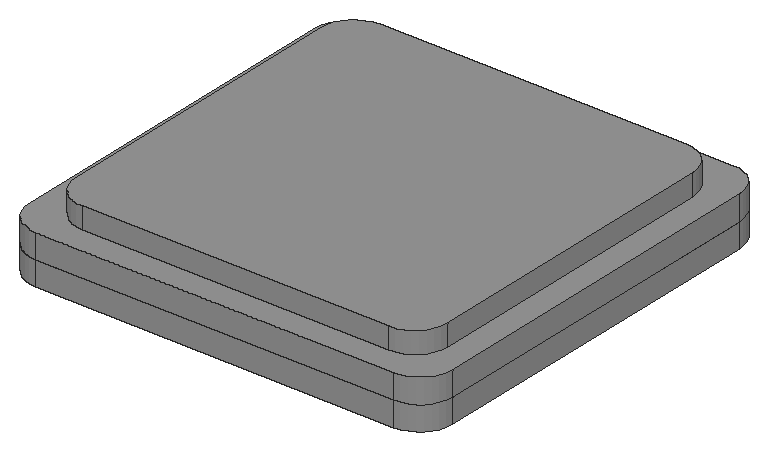
Revit family "FMS2_63_UN_Surface-mounted_ETK", category Lighting Fixtures, Revit 2019 (continued)
Definition of nested family "FMS.2 - Lightsource"
  Types (14, lengths in mm): name | Wattage Comments | Wattage | built-in parameter 1150134 | Photometric Web File | built-in parameter 1150142 | built-in parameter 1150105 | Lumens | built-in parameter 1150107 | built-in parameter 1150106 | Apparent Load
      1.1649\t500.1982\t499.3696\t498.4029\t497.5743\t496.6076\t495.779\t494.9504\r\n493.9837\t493.1551\t492.3265\t491.4979\t490.6693\t489.7026\t488.874\t488.0454\t487.2168\t486.3882\r\n485.5596\t484.731\t483.9024\t483.0738\t482.2452\t481.4166\t480.4499\t479.6213\t478.7927\t477.826\r\n476.9974\t475.3402\t473.1306\t470.7829\t468.5733\t466.3637\t464.016\t461.8064\t459.5968\t457.3872\r\n455.0395\t452.8299\t450.6203\t448.2726\t446.063\t443.8534\t441.6438\t439.2961\t437.0865\t434.7388\r\n432.3911\t430.1815\t427.8338\t425.6242\t423.2765\t421.0669\t418.7192\t416.3715\t414.1619\t411.8142\r\n409.6046\t407.1188\t403.8044\t400.6281\t397.3137\t394.1374\t390.9611\t387.6467\t384.4704\t381.2941\r\n377.9797\t374.8034\t371.489\t368.3127\t365.1364\t361.822\t358.6457\t355.3313\t352.155\t348.8406\r\n345.6643\t342.488\t339.1736\t335.9973\t332.6829\t329.5066\t326.1922\t323.0159\t319.7015\t316.5252\r\n313.3489\t310.0345\t306.3058\t302.439\t298.7103\t294.9816\t291.2529\t287.5242\t283.7955\t280.0668\r\n276.3381\t272.6094\t268.7426\t265.0139\t261.2852\t257.5565\t253.8278\t250.0991\t246.3704\t242.5036\r\n238.7749\t235.0462\t231.3175\t227.5888\t223.722\t219.9933\t216.2646\t212.5359\t208.8072\t205.0785\r\n201.2117\t197.483\t193.7543\t189.8875\t186.1588\t182.4301\t178.5633\t174.8346\t171.1059\t167.2391\r\n163.5104\t159.7817\t155.9149\t152.1862\t148.4575\t144.5907\t140.862\t137.0781\t133.3079\t129.524\r\n125.7539\t121.9699\t118.1998\t114.4158\t110.6457\t106.8618\t103.0917\t99.3077\t95.5376\t91.7675\r\n87.9835\t81.3961\t72.6406\t63.8851\t55.1433\t46.3878\t37.6322\t28.8767\t20.1212\t11.3629\r\n2.6073\t0\t0\t0\t0\t0\t0\t0\t0\t0\r\n0\t0\t0\t0\t0\t0\t0\t0\t0\t0\r\n0\r\n502.9602\t502.1316\t501.1649\t500.3363\t499.3696\t498.541\t497.5743\t496.7457\t495.9171\t495.0885\r\n494.2599\t493.4313\t492.6027\t491.9122\t491.0836\t490.255\t489.4264\t488.5978\t487.7692\t486.9406\r\n485.9739\t485.1453\t484.3167\t483.4881\t482.6595\t481.8309\t481.0023\t480.1737\t479.207\t478.3784\r\n477.5498\t476.7212\t474.5116\t472.1639\t469.9543\t467.6066\t465.397\t463.0493\t460.8397\t458.492\r\n456.2824\t454.0728\t451.7251\t449.5155\t447.1678\t444.9582\t442.6105\t440.4009\t438.0532\t435.8436\r\n433.4959\t431.2863\t428.9386\t426.5909\t424.3813\t422.0336\t419.6859\t417.4763\t415.1286\t412.7809\r\n410.4332\t408.2236\t405.5997\t402.4234\t399.109\t395.9327\t392.7564\t389.442\t386.1276\t382.9513\r\n379.6369\t376.4606\t373.1462\t369.9699\t366.6555\t363.4792\t360.1648\t356.8504\t353.6741\t350.3597\r\n347.1834\t343.869\t340.6927\t337.3783\t334.202\t330.8876\t327.7113\t324.3969\t321.0825\t317.9062\r\n314.5918\t311.4155\t308.1011\t304.3724\t300.6437\t296.7769\t293.0482\t289.3195\t285.4527\t281.724\r\n277.9953\t274.1285\t270.3998\t266.6711\t262.9424\t259.0756\t255.3469\t251.6182\t247.8895\t244.0227\r\n240.294\t236.4272\t232.6985\t228.9698\t225.103\t221.3743\t217.5075\t213.7788\t209.912\t206.1833\r\n202.4546\t198.5878\t194.8591\t190.9923\t187.2636\t183.5349\t179.6681\t175.9394\t172.0726\t168.3439\r\n164.4771\t160.7484\t157.0197\t153.1529\t149.4242\t145.5574\t141.8287\t138.0448\t134.2608\t130.4769\r\n126.6929\t122.909\t119.1251\t115.3411\t111.5572\t107.7732\t103.9893\t100.2192\t96.4352\t92.6513\r\n88.8673\t84.9867\t76.2036\t67.4066\t58.6235\t49.8265\t41.0433\t32.2463\t23.4632\t14.6662\r\n5.8762\t0\t0\t0\t0\t0\t0\t0\t0\t0\r\n0\t0\t0\t0\t0\t0\t0\t0\t0\t0\r\n0\r\n502.9602\t502.1316\t501.1649\t500.3363\t499.5077\t498.541\t497.7124\t497.0219\t496.1933\t495.3647\r\n494.6742\t493.8456\t493.1551\t492.3265\t491.4979\t490.6693\t489.8407\t489.0121\t488.1835\t487.3549\r\n486.5263\t485.6977\t484.8691\t484.0405\t483.2119\t482.3833\t481.4166\t480.4499\t479.6213\t478.6546\r\n477.6879\t476.8593\t475.7545\t473.5449\t471.3353\t468.9876\t466.778\t464.5684\t462.2207\t460.0111\r\n457.8015\t455.4538\t453.2442\t450.8965\t448.5488\t446.3392\t443.9915\t441.7819\t439.4342\t437.0865\r\n434.7388\t432.5292\t430.1815\t427.8338\t425.4861\t423.1384\t420.7907\t418.443\t416.0953\t413.6095\r\n411.2618\t408.9141\t406.5664\t404.2187\t401.0424\t397.8661\t394.5517\t391.3754\t388.061\t384.8847\r\n381.5703\t378.2559\t374.9415\t371.7652\t368.4508\t365.1364\t361.822\t358.5076\t355.3313\t352.0169\r\n348.7025\t345.3881\t342.2118\t338.8974\t335.583\t332.2686\t329.0923\t325.7779\t322.4635\t319.2872\r\n315.9728\t312.6584\t309.344\t306.0296\t302.5771\t298.7103\t294.8435\t291.1148\t287.248\t283.5193\r\n279.6525\t275.9238\t272.057\t268.3283\t264.4615\t260.7328\t256.866\t252.9992\t249.2705\t245.4037\r\n241.675\t237.8082\t234.0795\t230.2127\t226.484\t222.6172\t218.8885\t215.0217\t211.293\t207.4262\r\n203.6975\t199.8307\t196.102\t192.2352\t188.5065\t184.6397\t180.7729\t177.0442\t173.1774\t169.4487\r\n165.5819\t161.8532\t158.1245\t154.2577\t150.529\t146.6622\t142.9335\t139.0667\t135.338\t131.5541\r\n127.7701\t123.9862\t120.2022\t116.4183\t112.6344\t108.8504\t105.0665\t101.2825\t97.4986\t93.7147\r\n89.9307\t86.1606\t81.0371\t72.2125\t63.3879\t54.5633\t45.7525\t36.9279\t28.1034\t19.2788\r\n10.4486\t1.6227\t0\t0\t0\t0\t0\t0\t0\t0\r\n0\t0\t0\t0\t0\t0\t0\t0\t0\t0\r\n0\r\n502.9602\t502.1316\t501.303\t500.3363\t499.5077\t498.8172\t497.9886\t497.2981\t496.4695\t495.779\r\n495.0885\t494.2599\t493.4313\t492.7408\t491.9122\t491.0836\t490.3931\t489.5645\t488.7359\t487.9073\r\n487.0787\t486.112\t485.2834\t484.3167\t483.4881\t482.5214\t481.6928\t480.8642\t479.8975\t479.0689\r\n478.1022\t477.1355\t476.1688\t475.2021\t472.9925\t470.7829\t468.4352\t466.2256\t463.8779\t461.6683\r\n459.3206\t457.111\t454.7633\t452.5537\t450.206\t447.8583\t445.5106\t443.0248\t440.6771\t438.3294\r\n435.9817\t433.634\t431.4244\t429.0767\t426.5909\t424.2432\t421.8955\t419.4097\t417.062\t414.5762\r\n412.2285\t409.7427\t407.395\t404.9092\t402.5615\t400.0757\t396.7613\t393.4469\t390.2706\t386.9562\r\n383.6418\t380.3274\t377.013\t373.6986\t370.3842\t367.0698\t363.7554\t360.441\t357.1266\t353.8122\r\n350.4978\t347.1834\t343.869\t340.5546\t337.2402\t333.9258\t330.6114\t327.297\t323.9826\t320.6682\r\n317.2157\t313.9013\t310.5869\t307.2725\t303.9581\t300.6437\t297.1912\t293.3244\t289.4576\t285.5908\r\n281.8621\t277.9953\t274.1285\t270.2617\t266.3949\t262.5281\t258.6613\t254.7945\t251.0658\t247.199\r\n243.3322\t239.4654\t235.7367\t231.8699\t228.0031\t224.2744\t220.4076\t216.5408\t212.8121\t208.9453\r\n205.0785\t201.3498\t197.483\t193.6162\t189.8875\t186.0207\t182.1539\t178.4252\t174.5584\t170.6916\r\n166.9629\t163.0961\t159.2293\t155.5006\t151.6338\t147.9051\t144.0383\t140.3096\t136.4842\t132.7003\r\n128.9163\t125.1324\t121.3485\t117.5645\t113.7806\t109.9967\t106.2265\t102.4426\t98.6724\t94.8885\r\n91.1184\t87.3483\t83.5781\t78.2889\t69.4367\t60.5707\t51.7185\t42.8662\t34.014\t25.1618\r\n16.3096\t7.4491\t0\t0\t0\t0\t0\t0\t0\t0\r\n0\t0\t0\t0\t0\t0\t0\t0\t0\t0\r\n0\r\n502.9602\t502.1316\t501.303\t500.4744\t499.6458\t498.9553\t498.2648\t497.5743\t496.8838\t496.1933\r\n495.5028\t494.6742\t493.9837\t493.1551\t492.4646\t491.636\t490.9455\t489.9788\t489.1502\t488.3216\r\n487.493\t486.5263\t485.6977\t484.8691\t483.9024\t483.0738\t482.1071\t481.1404\t480.3118\t479.3451\r\n478.3784\t477.4117\t476.445\t475.3402\t474.3735\t472.5782\t470.3686\t468.0209\t465.8113\t463.4636\r\n461.1159\t458.7682\t456.5586\t454.2109\t451.8632\t449.5155\t447.1678\t444.8201\t442.3343\t439.9866\r\n437.6389\t435.1531\t432.8054\t430.3196\t427.8338\t425.4861\t423.0003\t420.5145\t418.1668\t415.681\r\n413.1952\t410.7094\t408.2236\t405.7378\t403.252\t400.7662\t398.2804\t395.7946\t392.7564\t389.442\r\n386.1276\t382.8132\t379.3607\t376.0463\t372.5938\t369.2794\t365.8269\t362.5125\t359.1981\t355.7456\r\n352.4312\t349.1168\t345.6643\t342.3499\t338.8974\t335.583\t332.1305\t328.8161\t325.5017\t322.0492\r\n318.7348\t315.4204\t311.9679\t308.6535\t305.201\t301.8866\t298.4341\t295.1197\t291.6672\t287.9385\r\n284.0717\t280.2049\t276.3381\t272.4713\t268.4664\t264.5996\t260.7328\t256.866\t252.9992\t249.1324\r\n245.2656\t241.3988\t237.532\t233.6652\t229.7984\t225.9316\t222.0648\t218.198\t214.3312\t210.4644\r\n206.5976\t202.8689\t199.0021\t195.1353\t191.2685\t187.4017\t183.5349\t179.6681\t175.8013\t172.0726\r\n168.2058\t164.339\t160.6103\t156.7435\t153.0148\t149.148\t145.2812\t141.5525\t137.7548\t133.957\r\n130.1731\t126.3891\t122.619\t118.835\t115.0649\t111.2948\t107.5247\t103.7545\t99.9982\t96.2281\r\n92.4718\t88.7154\t84.9591\t81.2028\t76.7974\t67.9038\t59.0101\t50.1165\t41.2229\t32.3292\r\n23.4356\t14.5419\t5.6538\t0\t0\t0\t0\t0\t0\t0\r\n0\t0\t0\t0\t0\t0\t0\t0\t0\t0\r\n0\r\n502.9602\t502.1316\t501.4411\t500.6125\t499.922\t499.2315\t498.541\t497.9886\t497.2981\t496.6076\r\n495.9171\t495.2266\t494.398\t493.7075\t493.017\t492.1884\t491.3598\t490.5312\t489.7026\t488.7359\r\n487.9073\t487.0787\t486.2501\t485.2834\t484.4548\t483.4881\t482.5214\t481.5547\t480.588\t479.6213\r\n478.5165\t477.5498\t476.445\t475.4783\t474.3735\t473.2687\t472.1639\t470.2305\t467.8828\t465.6732\r\n463.3255\t460.9778\t458.492\t456.1443\t453.7966\t451.4489\t448.9631\t446.6154\t444.1296\t441.6438\r\n439.2961\t436.8103\t434.3245\t431.8387\t429.3529\t426.8671\t424.3813\t421.8955\t419.2716\t416.7858\r\n414.3\t411.8142\t409.1903\t406.5664\t404.0806\t401.4567\t398.8328\t396.347\t393.7231\t391.2373\r\n388.6134\t385.4371\t381.9846\t378.6702\t375.2177\t371.7652\t368.4508\t364.9983\t361.5458\t358.0933\r\n354.6408\t351.3264\t347.8739\t344.4214\t340.9689\t337.5164\t334.0639\t330.6114\t327.297\t323.8445\r\n320.392\t316.9395\t313.487\t310.0345\t306.7201\t303.2676\t299.8151\t296.3626\t293.0482\t289.5957\r\n286.2813\t282.8288\t279.1001\t275.0952\t271.2284\t267.2235\t263.3567\t259.3518\t255.485\t251.4801\r\n247.6133\t243.6084\t239.7416\t235.7367\t231.8699\t228.0031\t223.9982\t220.1314\t216.2646\t212.3978\r\n208.3929\t204.5261\t200.6593\t196.7925\t192.9257\t189.0589\t185.1921\t181.3253\t177.4585\t173.5917\r\n169.7249\t165.8581\t161.9913\t158.1245\t154.3958\t150.529\t146.8003\t142.9335\t139.2048\t135.3518\r\n131.5541\t127.7839\t124\t120.2299\t116.4597\t112.6896\t108.9333\t105.1632\t101.4206\t97.6643\r\n93.9218\t90.1793\t86.4368\t82.7081\t78.9656\t75.2369\t67.5585\t58.6235\t49.7022\t40.7671\r\n31.8321\t22.897\t13.9619\t5.0255\t0\t0\t0\t0\t0\t0\r\n0\t0\t0\t0\t0\t0\t0\t0\t0\t0\r\n0\r\n502.9602\t502.2697\t501.4411\t500.7506\t500.0601\t499.5077\t498.9553\t498.2648\t497.7124\t497.0219\r\n496.3314\t495.6409\t494.9504\t494.2599\t493.4313\t492.6027\t491.9122\t491.0836\t490.255\t489.4264\r\n488.4597\t487.6311\t486.8025\t485.8358\t484.8691\t483.9024\t482.9357\t481.969\t480.8642\t479.7594\r\n478.7927\t477.6879\t476.5831\t475.4783\t474.3735\t473.2687\t472.0258\t470.921\t469.6781\t467.8828\r\n465.5351\t463.1874\t460.8397\t458.3539\t456.0062\t453.5204\t451.0346\t448.5488\t446.2011\t443.7153\r\n441.2295\t438.7437\t436.1198\t433.634\t431.1482\t428.5243\t425.9004\t423.2765\t420.7907\t418.1668\r\n415.5429\t412.919\t410.4332\t407.8093\t405.1854\t402.4234\t399.7995\t397.1756\t394.4136\t391.7897\r\n389.0277\t386.4038\t383.6418\t381.0179\t378.2559\t374.8034\t371.3509\t367.8984\t364.4459\t360.9934\r\n357.4028\t353.9503\t350.4978\t346.9072\t343.4547\t339.8641\t336.4116\t332.821\t329.3685\t325.916\r\n322.4635\t318.8729\t315.4204\t311.9679\t308.3773\t304.9248\t301.4723\t297.8817\t294.4292\t290.9767\r\n287.3861\t283.9336\t280.4811\t277.0286\t273.5761\t269.9855\t266.1187\t262.1138\t258.1089\t254.104\r\n250.0991\t246.0942\t242.2274\t238.2225\t234.3557\t230.3508\t226.484\t222.4791\t218.4742\t214.4693\r\n210.6025\t206.5976\t202.7308\t198.7259\t194.8591\t190.8542\t186.9874\t183.1206\t179.1157\t175.2489\r\n171.3821\t167.5153\t163.6485\t159.7817\t155.9149\t152.1862\t148.3194\t144.4526\t140.7239\t136.9123\r\n133.1008\t129.303\t125.5053\t121.7213\t117.9374\t114.1673\t110.4109\t106.6546\t102.9259\t99.1972\r\n95.4823\t91.7675\t88.0526\t84.3515\t80.6504\t76.9493\t73.2621\t68.5114\t59.5073\t50.517\r\n41.5129\t32.5226\t23.5184\t14.5281\t5.5309\t0\t0\t0\t0\t0\r\n0\t0\t0\t0\t0\t0\t0\t0\t0\t0\r\n0\r\n502.9602\t502.2697\t501.5792\t500.8887\t500.3363\t499.7839\t499.2315\t498.6791\t498.1267\t497.5743\r\n496.8838\t496.1933\t495.5028\t494.8123\t493.9837\t493.2932\t492.4646\t491.636\t490.8074\t489.9788\r\n489.1502\t488.1835\t487.3549\t486.3882\t485.4215\t484.3167\t483.35\t482.2452\t481.1404\t480.1737\r\n479.0689\t477.9641\t476.8593\t475.6164\t474.3735\t473.1306\t471.8877\t470.6448\t469.4019\t468.0209\r\n466.6399\t465.2589\t463.3255\t460.9778\t458.492\t456.0062\t453.5204\t451.0346\t448.5488\t446.063\r\n443.4391\t440.8152\t438.3294\t435.7055\t433.0816\t430.5958\t427.9719\t425.348\t422.7241\t420.1002\r\n417.3382\t414.7143\t411.9523\t409.1903\t406.4283\t403.6663\t400.9043\t398.1423\t395.5184\t392.7564\r\n389.9944\t387.2324\t384.3323\t381.5703\t378.8083\t375.9082\t373.0081\t370.2461\t367.346\t364.1697\r\n360.5791\t356.9885\t353.536\t349.9454\t346.3548\t342.7642\t339.1736\t335.583\t331.9924\t328.4018\r\n324.8112\t321.2206\t317.7681\t314.1775\t310.5869\t306.9963\t303.2676\t299.677\t296.2245\t292.6339\r\n289.1814\t285.5908\t282.0002\t278.5477\t274.9571\t271.3665\t267.914\t264.3234\t260.8709\t257.2803\r\n253.4135\t249.4086\t245.2656\t241.2607\t237.2558\t233.2509\t229.246\t225.2411\t221.2362\t217.0932\r\n213.0883\t209.0834\t205.0785\t201.2117\t197.2068\t193.2019\t189.3351\t185.3302\t181.3253\t177.3204\r\n173.3155\t169.4487\t165.4438\t161.577\t157.7102\t153.7053\t149.8385\t146.1098\t142.243\t138.5143\r\n134.6751\t130.8912\t127.121\t123.3371\t119.5532\t115.783\t112.0129\t108.2704\t104.5279\t100.7992\r\n97.0843\t93.3832\t89.696\t86.0087\t82.3352\t78.6618\t74.9883\t71.3286\t67.6828\t61.5512\r\n52.478\t43.4186\t34.3455\t25.2723\t16.2129\t7.1329\t0\t0\t0\t0\r\n0\t0\t0\t0\t0\t0\t0\t0\t0\t0\r\n0\r\n502.9602\t502.2697\t501.7173\t501.0268\t500.6125\t500.1982\t499.6458\t499.0934\t498.6791\t497.9886\r\n497.4362\t496.7457\t496.0552\t495.3647\t494.6742\t493.8456\t493.1551\t492.3265\t491.4979\t490.6693\r\n489.8407\t488.874\t487.9073\t486.9406\t485.9739\t484.8691\t483.7643\t482.7976\t481.6928\t480.7261\r\n479.4832\t478.2403\t476.9974\t475.7545\t474.5116\t473.1306\t471.8877\t470.5067\t469.1257\t467.6066\r\n466.2256\t464.8446\t463.3255\t461.8064\t460.2873\t458.7682\t456.4205\t453.9347\t451.3108\t448.825\r\n446.2011\t443.7153\t441.0914\t438.6056\t435.8436\t433.2197\t430.4577\t427.6957\t424.9337\t422.3098\r\n419.4097\t416.6477\t413.8857\t411.1237\t408.3617\t405.5997\t402.6996\t399.7995\t396.8994\t393.9993\r\n391.2373\t388.1991\t385.4371\t382.537\t379.4988\t376.5987\t373.6986\t370.7985\t367.8984\t364.9983\r\n361.9601\t358.9219\t356.0218\t353.1217\t350.0835\t346.4929\t342.6261\t338.8974\t335.3068\t331.5781\r\n327.9875\t324.3969\t320.6682\t317.0776\t313.3489\t309.7583\t306.0296\t302.439\t298.7103\t294.9816\r\n291.2529\t287.6623\t284.0717\t280.4811\t276.7524\t273.1618\t269.4331\t265.8425\t262.2519\t258.6613\r\n255.0707\t251.4801\t247.8895\t244.1608\t240.5702\t236.7034\t232.6985\t228.5555\t224.4125\t220.4076\r\n216.2646\t212.2597\t208.1167\t203.9737\t199.9688\t195.8258\t191.8209\t187.816\t183.8111\t179.8062\r\n175.8013\t171.7964\t167.7915\t163.7866\t159.9198\t155.9149\t151.91\t148.0432\t144.0383\t140.1715\r\n136.3047\t132.4793\t128.6678\t124.87\t121.0861\t117.316\t113.5734\t109.8447\t106.1298\t102.4288\r\n98.7415\t95.068\t91.3946\t87.7349\t84.0753\t80.4433\t76.8112\t73.1792\t69.5748\t65.9704\r\n62.366\t55.7372\t46.5535\t37.3699\t28.1862\t19.0026\t9.8106\t0.6187\t0\t0\r\n0\t0\t0\t0\t0\t0\t0\t0\t0\t0\r\n0\r\n502.9602\t502.4078\t501.7173\t501.303\t500.8887\t500.4744\t500.0601\t499.6458\t499.0934\t498.541\r\n497.9886\t497.2981\t496.7457\t496.0552\t495.3647\t494.6742\t493.8456\t493.1551\t492.3265\t491.4979\r\n490.5312\t489.5645\t488.5978\t487.6311\t486.5263\t485.5596\t484.5929\t483.6262\t482.3833\t481.1404\r\n479.8975\t478.6546\t477.4117\t476.0307\t474.7878\t473.4068\t471.8877\t470.5067\t468.9876\t467.6066\r\n466.0875\t464.5684\t462.9112\t461.3921\t459.7349\t458.0777\t456.4205\t454.7633\t453.1061\t451.4489\r\n449.6536\t447.0297\t444.4058\t441.6438\t438.8818\t436.2579\t433.3578\t430.5958\t427.8338\t425.0718\r\n422.3098\t419.4097\t416.5096\t413.6095\t410.8475\t407.9474\t404.9092\t402.0091\t398.9709\t396.0708\r\n393.0326\t390.1325\t387.2324\t384.1942\t381.156\t378.1178\t375.0796\t372.0414\t369.0032\t365.8269\r\n362.7887\t359.6124\t356.5742\t353.536\t350.4978\t347.4596\t344.2833\t341.2451\t338.2069\t335.0306\r\n331.8543\t328.2637\t324.3969\t320.8063\t317.0776\t313.3489\t309.4821\t305.6153\t301.8866\t298.1579\r\n294.4292\t290.5624\t286.8337\t283.105\t279.2382\t275.5095\t271.7808\t268.0521\t264.3234\t260.5947\r\n256.866\t253.1373\t249.4086\t245.6799\t241.9512\t238.3606\t234.6319\t231.0413\t227.3126\t223.722\r\n219.9933\t215.9884\t211.8454\t207.7024\t203.5594\t199.2783\t195.1353\t190.9923\t186.9874\t182.8444\r\n178.7014\t174.6965\t170.5535\t166.5486\t162.5437\t158.4007\t154.3958\t150.3909\t146.386\t142.3811\r\n138.3762\t134.4818\t130.5321\t126.6101\t122.7709\t119.0146\t115.2583\t111.5296\t107.8147\t104.1136\r\n100.4125\t96.739\t93.0794\t89.4474\t85.8153\t82.1971\t78.6065\t75.0159\t71.4391\t67.89\r\n64.3408\t60.7916\t57.2701\t50.9865\t41.651\t32.3016\t22.9384\t13.5821\t4.2162\t0\r\n0\t0\t0\t0\t0\t0\t0\t0\t0\t0\r\n0\r\n502.9602\t502.4078\t501.8554\t501.4411\t501.1649\t500.8887\t500.4744\t500.0601\t499.6458\t499.0934\r\n498.541\t497.9886\t497.4362\t496.7457\t496.0552\t495.3647\t494.6742\t493.8456\t493.1551\t492.1884\r\n491.3598\t490.3931\t489.4264\t488.4597\t487.493\t486.5263\t485.4215\t484.3167\t483.0738\t481.8309\r\n480.588\t479.3451\t477.9641\t476.5831\t475.2021\t473.683\t472.302\t470.7829\t469.2638\t467.7447\r\n466.0875\t464.4303\t462.9112\t461.1159\t459.4587\t457.8015\t456.1443\t454.349\t452.5537\t450.6203\r\n448.6869\t446.7535\t444.8201\t442.8867\t440.9533\t438.8818\t436.9484\t434.3245\t431.4244\t428.6624\r\n425.7623\t422.8622\t419.9621\t416.9239\t414.0238\t410.9856\t408.0855\t405.0473\t402.1472\t399.109\r\n395.9327\t392.8945\t389.7182\t386.68\t383.5037\t380.3274\t377.1511\t374.1129\t370.9366\t367.7603\r\n364.584\t361.4077\t358.2314\t355.0551\t351.7407\t348.5644\t345.25\t342.0737\t338.8974\t335.583\r\n332.2686\t328.9542\t325.7779\t322.4635\t319.1491\t315.9728\t312.6584\t309.344\t306.0296\t302.1628\r\n298.4341\t294.5673\t290.7005\t286.8337\t282.9669\t279.1001\t275.2333\t271.3665\t267.4997\t263.6329\r\n259.7661\t255.8993\t252.1706\t248.3038\t244.437\t240.5702
